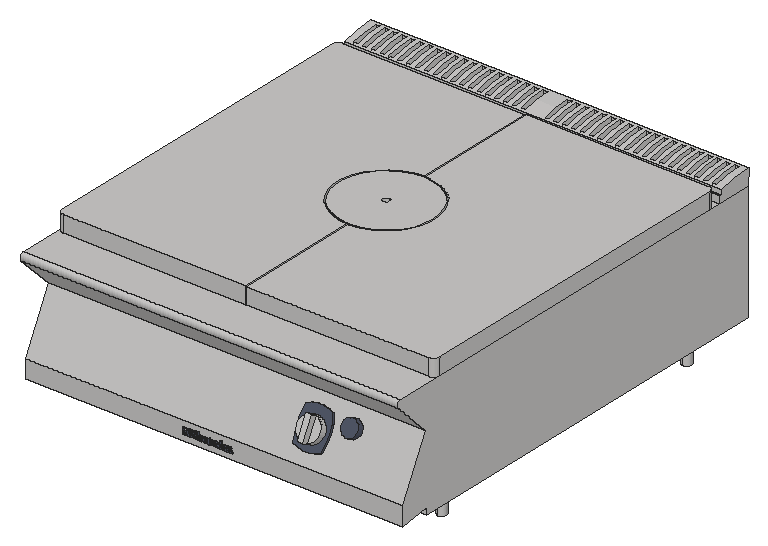
Revit family "QF_ELECTROLUXPROFESSIONAL_391635_E9DDATAOMEI", category Attrezzature speciali, Revit 2021
Family settings
  Quota connettore circolare = Usa diametro
  Tipo di parte = Normale
  Basato su piano di lavoro = No
  Sempre verticale = Sì
  Taglio con vuoti quando caricato = No
  Condiviso = No
  Punto di calcolo locali = No
Parameters (values of type "Standard")
  Weight = 92.00 kg
  Watts = 0 W
  Volts = 0 V
  URL Manufacturer = "https://www.electroluxprofessional.com/"
  URL = "https://www.electroluxprofessional.com/"
  Steam Supply Size = 0"
  Steam Supply Minimum Pressure = 0.00 psi
  Steam Supply Maximum Pressure = 0.00 psi
  Steam Consumption per Hour = 0
  Show Logo [instance] = yes
  Show Clearance [instance] = yes
  Refrigeration Suction Line Size = 0 mm
  Refrigeration Liquid Line Size = 0 mm
  Refrigerant Compressor Remote = yes
  Prospetto di default = 0 mm
  Phase = 0
  Modello = "E9DDATAOMEI"
  Produttore = "Electrolux Professional"
  Length Actual = 800 mm  # constant formula
  Item Number = "391635"
  Hot Water Size = 0"
  Height Actual = 250 mm  # constant formula
  HP = "0 HP"
  Gas Size = 1/2"
  Gas KW = 10.5
  Gas Input Pressure = 0.351868 Btu/h
  Direct Waste Size = 0"
  Descrizione = "GAS SOLID TOP 800 MM - QMARK"
  Depth Actual = 930 mm  # constant formula
  Cycle = 0 Hz
  Condensate Return Size = 0"
  Compressed Air Volume = 0 GPM
  Compressed Air Size = 0"
  Compressed Air Pressure = 0.00 psi
  Cold Water Size = 0"
  Assembly Code = ""
  Accessory = yes
Reference planes
  plane 1 "BACK": y = 0
  plane 2: z = 0
  plane 3 "LEFT": x = 0
  plane 4 "RIGHT": x = 800
  plane 5 "FRONT": y = -930
  plane 6 "TOP": z = 303.188
  plane 7 "Center Y": x = 400
  plane 8 "Center X": y = -465
  plane 9 "Base Height": z = 23.813
  plane 10: z = 273.813
  plane 11: z = 309
  plane 12: y = -90
  plane 13: y = -831
  plane 14: y = -664
Forms (mm)
  Extrusion 1, solid, material "QF_Finishes_Stainless Steel"
    sketch origin (0, 0, 0) x (0, 1, 0) y (0, 0, 1)
      loop
        line (0, 23.813) -> (0, 273.813) -> (-921.5, 273.813)
        arc (-921.5, 273.813) -> (-929.472, 268.485) -> (-927.602, 259.081) r 8.63
        line (-927.602, 259.081) -> (-854.039, 185.518) -> (-915.962, 68.584) -> (-915.962, 30.163) -> (-855.839, 38.612)
        arc (-855.839, 38.612) -> (-853.314, 37.864) -> (-852.222, 35.468) r 3.175
        line (-852.222, 35.468) -> (-852.222, 23.813) -> (0, 23.813)
    from 0 to 800
  Extrusion 2, solid, material "QF_Finishes_Stainless Steel"
    sketch origin (0, 0, 0) x (0, 1, 0) y (0, 0, 1)
      loop
        line (0, 273.813) -> (0, 288.9) -> (-76.2, 288.9) -> (-76.2, 273.813) -> (0, 273.813)
    from 0 to 800
  Extrusion 3, solid, material "QF_Finishes_Stainless Steel"
    sketch origin (0, 0, 0) x (1, 0, 0) y (0, 1, 0)
      loop
        circle (11.112, -149.225) r 9.525
      loop
        circle (788.888, -149.225) r 9.525
      loop
        circle (11.112, -798.488) r 9.525
      loop
        circle (788.888, -798.488) r 9.525
    from 0 to 23.812
  Extrusion 4, solid, material "QF_Finishes_Stainless Steel"
    sketch origin (0, 0, 273.813) x (0, -1, 0) y (1, 0, 0)
      loop
        arc (90, 12.7) -> (93.72, 3.72) -> (102.7, 0) r 12.7
        line (102.7, 0) -> (818.3, 0)
        arc (818.3, 0) -> (827.28, 3.72) -> (831, 12.7) r 12.7
        line (831, 12.7) -> (831, 398.413) -> (563.181, 398.413)
        arc (563.181, 398.413) -> (459.918, 297.117) -> (356.811, 398.571) r 103.201
        line (356.811, 398.571) -> (90, 398.571) -> (90, 12.7)
      loop
        arc (831, 787.3) -> (827.28, 796.28) -> (818.3, 800) r 12.7
        line (818.3, 800) -> (102.7, 800)
        arc (102.7, 800) -> (93.72, 796.28) -> (90, 787.3) r 12.7
        line (90, 787.3) -> (90, 401.528) -> (356.813, 401.528)
        arc (356.813, 401.528) -> (460.121, 503.083) -> (563.194, 401.289) r 103.202
        line (563.194, 401.289) -> (831, 401.289) -> (831, 787.3)
      loop
        circle (460, 400) r 100
      loop
        circle (460, 400) r 7
    from 0 to 35.188
  Extrusion 5, void
    sketch origin (34.989, 0, 288.925) x (-1, 0, 0) y (0, -1, 0)
      loop
        line (-335.017, 6.761) -> (-335.017, 63.911) -> (-344.313, 63.911) -> (-344.313, 6.761) -> (-335.017, 6.761)
      loop
        line (-316.325, 6.761) -> (-316.325, 63.911) -> (-325.62, 63.911) -> (-325.62, 6.761) -> (-316.325, 6.761)
      loop
        line (-297.632, 6.761) -> (-297.632, 63.911) -> (-306.928, 63.911) -> (-306.928, 6.761) -> (-297.632, 6.761)
      loop
        line (-278.94, 6.761) -> (-278.94, 63.911) -> (-288.235, 63.911) -> (-288.235, 6.761) -> (-278.94, 6.761)
      loop
        line (-260.247, 6.761) -> (-260.247, 63.911) -> (-269.543, 63.911) -> (-269.543, 6.761) -> (-260.247, 6.761)
      loop
        line (-241.554, 6.761) -> (-241.554, 63.911) -> (-250.85, 63.911) -> (-250.85, 6.761) -> (-241.554, 6.761)
      loop
        line (-222.862, 6.761) -> (-222.862, 63.911) -> (-232.157, 63.911) -> (-232.157, 6.761) -> (-222.862, 6.761)
      loop
        line (-204.169, 6.761) -> (-204.169, 63.911) -> (-213.465, 63.911) -> (-213.465, 6.761) -> (-204.169, 6.761)
      loop
        line (-185.476, 6.761) -> (-185.476, 63.911) -> (-194.772, 63.911) -> (-194.772, 6.761) -> (-185.476, 6.761)
      loop
        line (-166.784, 6.761) -> (-166.784, 63.911) -> (-176.08, 63.911) -> (-176.08, 6.761) -> (-166.784, 6.761)
      loop
        line (-148.091, 6.761) -> (-148.091, 63.911) -> (-157.387, 63.911) -> (-157.387, 6.761) -> (-148.091, 6.761)
      loop
        line (-129.399, 6.761) -> (-129.399, 63.911) -> (-138.694, 63.911) -> (-138.694, 6.761) -> (-129.399, 6.761)
      loop
        line (-110.706, 6.761) -> (-110.706, 63.911) -> (-120.002, 63.911) -> (-120.002, 6.761) -> (-110.706, 6.761)
      loop
        line (-92.013, 6.761) -> (-92.013, 63.911) -> (-101.309, 63.911) -> (-101.309, 6.761) -> (-92.013, 6.761)
      loop
        line (-73.321, 6.761) -> (-73.321, 63.911) -> (-82.617, 63.911) -> (-82.617, 6.761) -> (-73.321, 6.761)
      loop
        line (-54.628, 6.761) -> (-54.628, 63.911) -> (-63.924, 63.911) -> (-63.924, 6.761) -> (-54.628, 6.761)
      loop
        line (-35.936, 6.761) -> (-35.936, 63.911) -> (-45.231, 63.911) -> (-45.231, 6.761) -> (-35.936, 6.761)
      loop
        line (-17.243, 6.761) -> (-17.243, 63.911) -> (-26.539, 63.911) -> (-26.539, 6.761) -> (-17.243, 6.761)
      loop
        line (1.45, 6.761) -> (1.45, 63.911) -> (-7.846, 63.911) -> (-7.846, 6.761) -> (1.45, 6.761)
      loop
        line (20.142, 6.761) -> (20.142, 63.911) -> (10.846, 63.911) -> (10.846, 6.761) -> (20.142, 6.761)
      loop
        line (-395.005, 6.761) -> (-385.709, 6.761) -> (-385.709, 63.911) -> (-395.005, 63.911) -> (-395.005, 6.761)
      loop
        line (-413.697, 6.761) -> (-404.401, 6.761) -> (-404.401, 63.911) -> (-413.697, 63.911) -> (-413.697, 6.761)
      loop
        line (-432.39, 6.761) -> (-423.094, 6.761) -> (-423.094, 63.911) -> (-432.39, 63.911) -> (-432.39, 6.761)
      loop
        line (-451.082, 6.761) -> (-441.787, 6.761) -> (-441.787, 63.911) -> (-451.082, 63.911) -> (-451.082, 6.761)
      loop
        line (-469.775, 6.761) -> (-460.479, 6.761) -> (-460.479, 63.911) -> (-469.775, 63.911) -> (-469.775, 6.761)
      loop
        line (-488.468, 6.761) -> (-479.172, 6.761) -> (-479.172, 63.911) -> (-488.468, 63.911) -> (-488.468, 6.761)
      loop
        line (-507.16, 6.761) -> (-497.864, 6.761) -> (-497.864, 63.911) -> (-507.16, 63.911) -> (-507.16, 6.761)
      loop
        line (-525.853, 6.761) -> (-516.557, 6.761) -> (-516.557, 63.911) -> (-525.853, 63.911) -> (-525.853, 6.761)
      loop
        line (-544.545, 6.761) -> (-535.25, 6.761) -> (-535.25, 63.911) -> (-544.545, 63.911) -> (-544.545, 6.761)
      loop
        line (-563.238, 6.761) -> (-553.942, 6.761) -> (-553.942, 63.911) -> (-563.238, 63.911) -> (-563.238, 6.761)
      loop
        line (-581.931, 6.761) -> (-572.635, 6.761) -> (-572.635, 63.911) -> (-581.931, 63.911) -> (-581.931, 6.761)
      loop
        line (-600.623, 6.761) -> (-591.328, 6.761) -> (-591.328, 63.911) -> (-600.623, 63.911) -> (-600.623, 6.761)
      loop
        line (-619.316, 6.761) -> (-610.02, 6.761) -> (-610.02, 63.911) -> (-619.316, 63.911) -> (-619.316, 6.761)
      loop
        line (-638.008, 6.761) -> (-628.713, 6.761) -> (-628.713, 63.911) -> (-638.008, 63.911) -> (-638.008, 6.761)
      loop
        line (-656.701, 6.761) -> (-647.405, 6.761) -> (-647.405, 63.911) -> (-656.701, 63.911) -> (-656.701, 6.761)
      loop
        line (-675.394, 6.761) -> (-666.098, 6.761) -> (-666.098, 63.911) -> (-675.394, 63.911) -> (-675.394, 6.761)
      loop
        line (-694.086, 6.761) -> (-684.791, 6.761) -> (-684.791, 63.911) -> (-694.086, 63.911) -> (-694.086, 6.761)
      loop
        line (-712.779, 6.761) -> (-703.483, 6.761) -> (-703.483, 63.911) -> (-712.779, 63.911) -> (-712.779, 6.761)
      loop
        line (-731.472, 6.761) -> (-722.176, 6.761) -> (-722.176, 63.911) -> (-731.472, 63.911) -> (-731.472, 6.761)
      loop
        line (-750.164, 6.761) -> (-740.868, 6.761) -> (-740.868, 63.911) -> (-750.164, 63.911) -> (-750.164, 6.761)
    from 4.268 to 45.348
  Extrusion 6, solid, material "QF_Finishes_Stainless Steel"
    sketch origin (0, 0, 14.288) x (0, 1, 0) y (0, 0, 1)
      loop
        line (0, 274.613) -> (0, 294.713)
        arc (0, 294.713) -> (-35.344, 292.192) -> (-69.85, 284.137) r 224.293
        line (-69.85, 284.137) -> (-69.85, 274.613) -> (0, 274.613)
    from 0 to 800
  Extrusion 7, solid, material "QF_Finishes_Navy Blue", visible <- "Show Logo"
    sketch origin (0, -915.962, 30.163) x (0, 0, 1) y (-1, 0, 0)
      loop
        line (26.177, -343.947) -> (13.81, -343.947)
        arc (13.81, -343.947) -> (19.993, -348.518) -> (26.177, -343.947) r 6.467
      loop
        arc (26.177, -343.318) -> (25.008, -338.175) -> (20.352, -335.697) r 6.338
        line (20.352, -335.697) -> (20.352, -337.743)
        arc (20.352, -337.743) -> (21.836, -341.398) -> (25.281, -343.318) r 5.941
        line (25.281, -343.318) -> (26.177, -343.318)
      loop
        arc (14.706, -343.318) -> (18.151, -341.398) -> (19.635, -337.743) r 5.941
        line (19.635, -337.743) -> (19.635, -335.697)
        arc (19.635, -335.697) -> (14.941, -338.171) -> (13.651, -343.318) r 6.504
        line (13.651, -343.318) -> (14.706, -343.318)
      loop
        line (26.852, -335.228) -> (13.107, -335.228) -> (13.107, -348.991) -> (26.852, -348.991) -> (26.852, -335.228)
      loop
        arc (26.935, -351.958) -> (26.587, -351.601) -> (26.221, -351.939) r 0.358
        arc (26.221, -351.939) -> (25.906, -352.689) -> (25.189, -353.074) r 1.216
        line (25.189, -353.074) -> (14.777, -353.074)
        arc (14.777, -353.074) -> (14.117, -352.796) -> (13.721, -352.2) r 1.238
        arc (13.721, -352.2) -> (13.326, -351.949) -> (13.021, -352.303) r 0.358
        line (13.021, -352.303) -> (13.021, -362.182) -> (15.772, -362.182) -> (15.772, -361.285)
        arc (15.772, -361.285) -> (14.862, -360.705) -> (14.407, -359.728) r 1.928
        line (14.407, -359.728) -> (14.407, -357.229)
        arc (14.407, -357.229) -> (14.682, -356.5) -> (15.371, -356.136) r 1.101
        line (15.371, -356.136) -> (19.457, -356.136) -> (19.457, -359.809)
        arc (19.457, -359.809) -> (19.105, -360.307) -> (18.54, -360.534) r 1.083
        arc (18.54, -360.534) -> (18.276, -360.84) -> (18.568, -361.118) r 0.292
        line (18.568, -361.118) -> (21.53, -361.118)
        arc (21.53, -361.118) -> (21.833, -360.845) -> (21.595, -360.515) r 0.305
        arc (21.595, -360.515) -> (21.104, -360.267) -> (20.799, -359.809) r 1.083
        line (20.799, -359.809) -> (20.799, -356.136) -> (25.476, -356.136) -> (25.476, -359.883)
        arc (25.476, -359.883) -> (25.262, -360.639) -> (24.656, -361.137) r 1.314
        arc (24.656, -361.137) -> (24.436, -361.541) -> (24.791, -361.833) r 0.361
        line (24.791, -361.833) -> (26.935, -361.833) -> (26.935, -351.958)
      loop
        arc (26.218, -362.614) -> (25.837, -363.533) -> (24.919, -363.913) r 1.299
        line (24.919, -363.913) -> (15.34, -363.913)
        arc (15.34, -363.913) -> (14.502, -363.535) -> (14.23, -362.657) r 1.118
        line (14.23, -362.657) -> (13.021, -362.657) -> (13.021, -368.007) -> (14.209, -368.007)
        arc (14.209, -368.007) -> (14.481, -367.09) -> (15.351, -366.694) r 1.153
        line (15.351, -366.694) -> (27.423, -366.694) -> (26.218, -362.614)
      loop
        line (17.986, -370.643) -> (17.986, -377.091) -> (18.785, -377.091)
        arc (18.785, -377.091) -> (21.365, -376.106) -> (22.634, -373.652) r 3.874
        line (22.634, -373.652) -> (22.634, -371.892)
        arc (22.634, -371.892) -> (21.447, -369.027) -> (18.583, -367.841) r 4.051
        line (18.583, -367.841) -> (16.575, -367.841)
        arc (16.575, -367.841) -> (13.756, -369.326) -> (12.704, -372.333) r 4.352
        arc (12.704, -372.333) -> (13.069, -374.796) -> (14.446, -376.87) r 5.713
        line (14.446, -376.87) -> (15.395, -376.87)
        arc (15.395, -376.87) -> (14.663, -375.301) -> (14.446, -373.583) r 5.579
        arc (14.446, -373.583) -> (15.24, -371.62) -> (17.119, -370.643) r 3.057
        line (17.119, -370.643) -> (17.986, -370.643)
      loop
        line (19.245, -370.643) -> (19.245, -374.225)
        arc (19.245, -374.225) -> (20.702, -374.272) -> (21.585, -373.113) r 1.59
        line (21.585, -373.113) -> (21.585, -372.283)
        arc (21.585, -372.283) -> (20.72, -371.028) -> (19.245, -370.643) r 2.184
      loop
        arc (22.036, -386.508) -> (22.525, -384.834) -> (22.682, -383.097) r 9.023
        line (22.682, -383.097) -> (22.682, -381.735)
        arc (22.682, -381.735) -> (21.523, -378.935) -> (18.723, -377.776) r 3.959
        line (18.723, -377.776) -> (16.123, -377.776)
        arc (16.123, -377.776) -> (13.841, -379.068) -> (12.724, -381.441) r 4.331
        line (12.724, -381.441) -> (12.724, -383.576)
        arc (12.724, -383.576) -> (13.232, -385.126) -> (14.153, -386.472) r 5.772
        arc (14.153, -386.472) -> (14.915, -386.523) -> (15.002, -385.764) r 0.553
        arc (15.002, -385.764) -> (14.614, -385.03) -> (14.48, -384.211) r 2.573
        line (14.48, -384.211) -> (14.48, -382.696)
        arc (14.48, -382.696) -> (15.486, -381.054) -> (17.301, -380.412) r 2.884
        line (17.301, -380.412) -> (18.579, -380.412)
        arc (18.579, -380.412) -> (20.401, -380.972) -> (21.327, -382.637) r 2.554
        line (21.327, -382.637) -> (21.327, -383.69)
        arc (21.327, -383.69) -> (20.996, -384.618) -> (20.339, -385.353) r 2.564
        arc (20.339, -385.353) -> (20.117, -386.07) -> (20.726, -386.508) r 0.643
        line (20.726, -386.508) -> (22.036, -386.508)
      loop
        line (21.017, -386.778) -> (21.017, -388.279) -> (14.97, -388.279)
        arc (14.97, -388.279) -> (13.381, -388.937) -> (12.724, -390.525) r 2.246
        line (12.724, -390.525) -> (12.724, -392.109)
        arc (12.724, -392.109) -> (13.038, -392.973) -> (13.538, -393.745) r 4.06
        arc (13.538, -393.745) -> (14.271, -393.878) -> (14.522, -393.177) r 0.576
        arc (14.522, -393.177) -> (14.416, -392.651) -> (14.48, -392.119) r 1.69
        arc (14.48, -392.119) -> (15.021, -391.331) -> (15.928, -391.028) r 1.506
        line (15.928, -391.028) -> (21.066, -391.028) -> (21.066, -393.425) -> (21.622, -393.981) -> (22.444, -393.981) -> (22.444, -391.122) -> (25.675, -391.122) -> (21.017, -386.778)
      loop
        line (12.941, -394.879) -> (12.941, -400.266) -> (14.051, -400.266)
        arc (14.051, -400.266) -> (14.445, -399.315) -> (15.396, -398.921) r 1.345
        line (15.396, -398.921) -> (19.012, -398.921)
        arc (19.012, -398.921) -> (19.777, -399.513) -> (20.066, -400.435) r 1.615
        line (20.066, -400.435) -> (20.066, -401.991) -> (22.622, -402.676) -> (22.622, -401.293) -> (20.679, -398.734) -> (22.56, -398.734) -> (22.276, -396.028)
        arc (22.276, -396.028) -> (21.836, -395.498) -> (21.177, -395.699) r 0.621
        arc (21.177, -395.699) -> (20.777, -396.041) -> (20.283, -396.224) r 1.501
        line (20.283, -396.224) -> (15.396, -396.224)
        arc (15.396, -396.224) -> (14.445, -395.83) -> (14.051, -394.879) r 1.345
        line (14.051, -394.879) -> (12.941, -394.879)
      loop
        line (19.043, -402.213) -> (16.351, -402.213)
        arc (16.351, -402.213) -> (13.905, -403.521) -> (12.772, -406.051) r 4.288
        arc (12.772, -406.051) -> (12.708, -407.432) -> (12.772, -408.812) r 15.022
        arc (12.772, -408.812) -> (13.905, -411.343) -> (16.351, -412.65) r 4.288
        line (16.351, -412.65) -> (19.043, -412.65)
        arc (19.043, -412.65) -> (21.488, -411.343) -> (22.622, -408.812) r 4.288
        arc (22.622, -408.812) -> (22.686, -407.432) -> (22.622, -406.051) r 15.022
        arc (22.622, -406.051) -> (21.488, -403.521) -> (19.043, -402.213) r 4.288
      loop
        line (19.248, -405.327) -> (16.146, -405.327)
        arc (16.146, -405.327) -> (13.989, -407.484) -> (16.146, -409.641) r 2.157
        line (16.146, -409.641) -> (19.248, -409.641)
        arc (19.248, -409.641) -> (21.405, -407.484) -> (19.248, -405.327) r 2.157
      loop
        arc (26.229, -412.508) -> (25.858, -413.402) -> (24.964, -413.773) r 1.264
        line (24.964, -413.773) -> (15.1, -413.773)
        arc (15.1, -413.773) -> (14.23, -413.376) -> (13.958, -412.46) r 1.153
        line (13.958, -412.46) -> (13.021, -412.46) -> (13.021, -417.568) -> (13.949, -417.568)
        arc (13.949, -417.568) -> (14.308, -416.796) -> (15.1, -416.481) r 1.153
        line (15.1, -416.481) -> (27.423, -416.481) -> (26.229, -412.508)
      loop
        arc (21.349, -417.106) -> (21.15, -418.17) -> (20.181, -418.652) r 1.215
        line (20.181, -418.652) -> (15.161, -418.652)
        arc (15.161, -418.652) -> (13.546, -419.299) -> (12.825, -420.882) r 2.338
        line (12.825, -420.882) -> (12.825, -422.397)
        arc (12.825, -422.397) -> (13, -423.401) -> (13.502, -424.287) r 2.979
        line (13.502, -424.287) -> (13.021, -426.084) -> (13.021, -427.772) -> (22.446, -427.772) -> (22.152, -423.569) -> (21.366, -423.569)
        arc (21.366, -423.569) -> (21.01, -424.405) -> (20.258, -424.914) r 1.605
        line (20.258, -424.914) -> (15.155, -424.914)
        arc (15.155, -424.914) -> (14.735, -423.977) -> (14.662, -422.953) r 2.94
        arc (14.662, -422.953) -> (15.223, -421.852) -> (16.376, -421.409) r 1.724
        line (16.376, -421.409) -> (22.573, -421.409) -> (21.349, -417.106)
      loop
        line (22.377, -428.626) -> (20.705, -430.672) -> (17.531, -432.978) -> (14.075, -429.866)
        arc (14.075, -429.866) -> (13.837, -429.472) -> (13.86, -429.013) r 0.789
        line (13.86, -429.013) -> (13.021, -429.013) -> (13.021, -432.558) -> (13.847, -432.558)
        arc (13.847, -432.558) -> (14.189, -432.196) -> (14.679, -432.288) r 0.52
        line (14.679, -432.288) -> (16.479, -433.759) -> (14.361, -435.135)
        arc (14.361, -435.135) -> (13.96, -434.825) -> (13.873, -434.325) r 0.7
        line (13.873, -434.325) -> (13.021, -434.325) -> (13.021, -440.252) -> (13.907, -440.252)
        arc (13.907, -440.252) -> (13.974, -439.593) -> (14.369, -439.062) r 1.247
        line (14.369, -439.062) -> (18.569, -435.781) -> (21.016, -437.834) -> (22.377, -439.576) -> (22.377, -435.852) -> (20.892, -436.275) -> (19.371, -434.998) -> (21.071, -433.808) -> (22.377, -434.584) -> (22.377, -428.626)
    from 0 to 1.644
  Extrusion 8, solid, material "QF_Finishes_Navy Blue"
    sketch origin (0, -854.039, 185.518) x (0, -0.467993, -0.883732) y (1, 0, 0)
      loop
        arc (29.283, 558.214) -> (64.531, 552.935) -> (99.866, 557.596) r 127.782
        arc (99.866, 557.596) -> (106.766, 586.784) -> (99.866, 615.972) r 65.183
        arc (99.866, 615.972) -> (64.482, 622.659) -> (29.283, 615.066) r 90.797
        arc (29.283, 615.066) -> (22.72, 586.64) -> (29.283, 558.214) r 64.846
    from 0 to 3.175
  Extrusion 9, solid, material "QF_Finishes_Stainless Steel"
    sketch origin (0, -856.845, 187.004) x (0, -0.467993, -0.883732) y (1, 0, 0)
      loop
        circle (66.843, 587.162) r 25.4
    from 0 to 12.7
  Extrusion 10, solid, material "QF_Finishes_Stainless Steel"
    sketch origin (0, -868.068, 192.947) x (0, -0.467993, -0.883732) y (1, 0, 0)
      loop
        arc (91.575, 581.376) -> (92.243, 587.162) -> (91.575, 592.948) r 25.4
        line (91.575, 592.948) -> (42.111, 592.948)
        arc (42.111, 592.948) -> (41.443, 587.162) -> (42.111, 581.376) r 25.4
        line (42.111, 581.376) -> (91.575, 581.376)
    from 0 to 12.7
  Extrusion 11, solid, material "QF_Finishes_Navy Blue"
    sketch origin (0, -854.039, 185.518) x (0, -0.467993, -0.883732) y (1, 0, 0)
      loop
        circle (41.434, 662.183) r 17.78
    from 0 to 12.7
  Extrusion 12, solid, material "QF_Clearances", visible <- "Show Clearance", detail levels coarse
    sketch origin (0, 0, 0) x (1, 0, 0) y (0, 1, 0)
      loop
        line (0, -930) -> (0, 0) -> (800, 0) -> (800, -930) -> (900, -930) -> (900, 100) -> (-100, 100) -> (-100, -930) -> (0, -930)
    from 0 to 331.787
  Extrusion 13, solid
    sketch origin (0, -852.222, 23.813) x (1, 0, 0) y (0, -1, 0)
      loop
        circle (748, -188.222) r 6.4
    from 0 to 20
Cuts and joins
  Extrusion 5 cuts Extrusion 1
  Extrusion 5 cuts Extrusion 6
  joined: Extrusion 2, Extrusion 6
Lines and regions (mm)
  symbolic lines
    curve 1: line (0, -930.129, 0) -> (800, -930.129, 0)
    curve 2: line (0, 0, 0) -> (0, -930.129, 0)
    curve 3: line (800, 0, 0) -> (0, 0, 0)
    curve 4: line (800, -930.129, 0) -> (800, 0, 0)
    curve 5: arc (787.3, -831, 0) -> (796.28, -827.28, 0) -> (800, -818.3, 0) r 12.7
    curve 6: line (800, -818.3, 0) -> (800, -102.7, 0)
    curve 7: arc (800, -102.7, 0) -> (796.28, -93.72, 0) -> (787.3, -90, 0) r 12.7
    curve 8: line (787.3, -90, 0) -> (401.528, -90, 0)
    curve 9: line (401.528, -90, 0) -> (401.528, -356.813, 0)
    curve 10: arc (401.528, -356.813, 0) -> (503.083, -460.121, 0) -> (401.289, -563.194, 0) r 103.202
    curve 11: line (401.289, -563.194, 0) -> (401.289, -831, 0)
    curve 12: line (401.289, -831, 0) -> (787.3, -831, 0)
    curve 13: arc (400, -560, 0) -> (500, -460, 0) -> (400, -360, 0) r 100
    curve 14: arc (400, -360, 0) -> (300, -460, 0) -> (400, -560, 0) r 100
    curve 15: arc (398.413, -563.181, 0) -> (297.117, -459.918, 0) -> (398.571, -356.811, 0) r 103.201
    curve 16: line (398.571, -356.811, 0) -> (398.571, -90, 0)
    curve 17: line (398.571, -90, 0) -> (12.7, -90, 0)
    curve 18: arc (12.7, -90, 0) -> (3.72, -93.72, 0) -> (0, -102.7, 0) r 12.7
    curve 19: line (0, -102.7, 0) -> (0, -818.3, 0)
    curve 20: arc (0, -818.3, 0) -> (3.72, -827.28, 0) -> (12.7, -831, 0) r 12.7
    curve 21: line (12.7, -831, 0) -> (398.413, -831, 0)
    curve 22: line (398.413, -831, 0) -> (398.413, -563.181, 0)
    curve 23: arc (400, -453, 0) -> (407, -460, 0) -> (400, -467, 0) r 7
    curve 24: arc (400, -467, 0) -> (393, -460, 0) -> (400, -453, 0) r 7
    curve 25: line (0, -76.2, 0) -> (800, -76.2, 0)
    curve 26: line (0, -69.85, 0) -> (800, -69.85, 0)
    curve 27: line (14.847, -63.911, 0) -> (14.847, -6.761, 0)
    curve 28: line (14.847, -6.761, 0) -> (24.143, -6.761, 0)
    curve 29: line (24.143, -6.761, 0) -> (24.143, -63.911, 0)
    curve 30: line (24.143, -63.911, 0) -> (14.847, -63.911, 0)
    curve 31: line (33.539, -63.911, 0) -> (33.539, -6.761, 0)
    curve 32: line (33.539, -6.761, 0) -> (42.835, -6.761, 0)
    curve 33: line (42.835, -6.761, 0) -> (42.835, -63.911, 0)
    curve 34: line (42.835, -63.911, 0) -> (33.539, -63.911, 0)
    curve 35: line (52.232, -63.911, 0) -> (52.232, -6.761, 0)
    curve 36: line (52.232, -6.761, 0) -> (61.528, -6.761, 0)
    curve 37: line (61.528, -6.761, 0) -> (61.528, -63.911, 0)
    curve 38: line (61.528, -63.911, 0) -> (52.232, -63.911, 0)
    curve 39: line (70.925, -63.911, 0) -> (70.925, -6.761, 0)
    curve 40: line (70.925, -6.761, 0) -> (80.22, -6.761, 0)
    curve 41: line (80.22, -6.761, 0) -> (80.22, -63.911, 0)
    curve 42: line (80.22, -63.911, 0) -> (70.925, -63.911, 0)
    curve 43: line (89.617, -63.911, 0) -> (89.617, -6.761, 0)
    curve 44: line (89.617, -6.761, 0) -> (98.913, -6.761, 0)
    curve 45: line (98.913, -6.761, 0) -> (98.913, -63.911, 0)
    curve 46: line (98.913, -63.911, 0) -> (89.617, -63.911, 0)
    curve 47: line (108.31, -63.911, 0) -> (108.31, -6.761, 0)
    curve 48: line (108.31, -6.761, 0) -> (117.606, -6.761, 0)
    curve 49: line (117.606, -6.761, 0) -> (117.606, -63.911, 0)
    curve 50: line (117.606, -63.911, 0) -> (108.31, -63.911, 0)
    curve 51: line (127.002, -63.911, 0) -> (127.002, -6.761, 0)
    curve 52: line (127.002, -6.761, 0) -> (136.298, -6.761, 0)
    curve 53: line (136.298, -6.761, 0) -> (136.298, -63.911, 0)
    curve 54: line (136.298, -63.911, 0) -> (127.002, -63.911, 0)
    curve 55: line (145.695, -63.911, 0) -> (145.695, -6.761, 0)
    curve 56: line (145.695, -6.761, 0) -> (154.991, -6.761, 0)
    curve 57: line (154.991, -6.761, 0) -> (154.991, -63.911, 0)
    curve 58: line (154.991, -63.911, 0) -> (145.695, -63.911, 0)
    curve 59: line (164.388, -63.911, 0) -> (164.388, -6.761, 0)
    curve 60: line (164.388, -6.761, 0) -> (173.683, -6.761, 0)
    curve 61: line (173.683, -6.761, 0) -> (173.683, -63.911, 0)
    curve 62: line (173.683, -63.911, 0) -> (164.388, -63.911, 0)
    curve 63: line (183.08, -63.911, 0) -> (183.08, -6.761, 0)
    curve 64: line (183.08, -6.761, 0) -> (192.376, -6.761, 0)
    curve 65: line (192.376, -6.761, 0) -> (192.376, -63.911, 0)
    curve 66: line (192.376, -63.911, 0) -> (183.08, -63.911, 0)
    curve 67: line (201.773, -63.911, 0) -> (201.773, -6.761, 0)
    curve 68: line (201.773, -6.761, 0) -> (211.069, -6.761, 0)
    curve 69: line (211.069, -6.761, 0) -> (211.069, -63.911, 0)
    curve 70: line (211.069, -63.911, 0) -> (201.773, -63.911, 0)
    curve 71: line (220.466, -63.911, 0) -> (220.466, -6.761, 0)
    curve 72: line (220.466, -6.761, 0) -> (229.761, -6.761, 0)
    curve 73: line (229.761, -6.761, 0) -> (229.761, -63.911, 0)
    curve 74: line (229.761, -63.911, 0) -> (220.466, -63.911, 0)
    curve 75: line (239.158, -63.911, 0) -> (239.158, -6.761, 0)
    curve 76: line (239.158, -6.761, 0) -> (248.454, -6.761, 0)
    curve 77: line (248.454, -6.761, 0) -> (248.454, -63.911, 0)
    curve 78: line (248.454, -63.911, 0) -> (239.158, -63.911, 0)
    curve 79: line (420.698, -63.911, 0) -> (420.698, -6.761, 0)
    curve 80: line (420.698, -6.761, 0) -> (429.994, -6.761, 0)
    curve 81: line (429.994, -6.761, 0) -> (429.994, -63.911, 0)
    curve 82: line (429.994, -63.911, 0) -> (420.698, -63.911, 0)
    curve 83: line (370.006, -63.911, 0) -> (370.006, -6.761, 0)
    curve 84: line (370.006, -6.761, 0) -> (379.302, -6.761, 0)
    curve 85: line (379.302, -6.761, 0) -> (379.302, -63.911, 0)
    curve 86: line (379.302, -63.911, 0) -> (370.006, -63.911, 0)
    curve 87: line (351.314, -63.911, 0) -> (351.314, -6.761, 0)
    curve 88: line (351.314, -6.761, 0) -> (360.61, -6.761, 0)
    curve 89: line (360.61, -6.761, 0) -> (360.61, -63.911, 0)
    curve 90: line (360.61, -63.911, 0) -> (351.314, -63.911, 0)
    curve 91: line (332.621, -63.911, 0) -> (332.621, -6.761, 0)
    curve 92: line (332.621, -6.761, 0) -> (341.917, -6.761, 0)
    curve 93: line (341.917, -6.761, 0) -> (341.917, -63.911, 0)
    curve 94: line (341.917, -63.911, 0) -> (332.621, -63.911, 0)
    curve 95: line (313.929, -63.911, 0) -> (313.929, -6.761, 0)
    curve 96: line (313.929, -6.761, 0) -> (323.224, -6.761, 0)
    curve 97: line (323.224, -6.761, 0) -> (323.224, -63.911, 0)
    curve 98: line (323.224, -63.911, 0) -> (313.929, -63.911, 0)
    curve 99: line (295.236, -63.911, 0) -> (295.236, -6.761, 0)
    curve 100: line (295.236, -6.761, 0) -> (304.532, -6.761, 0)
    curve 101: line (304.532, -6.761, 0) -> (304.532, -63.911, 0)
    curve 102: line (304.532, -63.911, 0) -> (295.236, -63.911, 0)
    curve 103: line (276.543, -63.911, 0) -> (276.543, -6.761, 0)
    curve 104: line (276.543, -6.761, 0) -> (285.839, -6.761, 0)
    curve 105: line (285.839, -6.761, 0) -> (285.839, -63.911, 0)
    curve 106: line (285.839, -63.911, 0) -> (276.543, -63.911, 0)
    curve 107: line (257.851, -63.911, 0) -> (257.851, -6.761, 0)
    curve 108: line (257.851, -6.761, 0) -> (267.146, -6.761, 0)
    curve 109: line (267.146, -6.761, 0) -> (267.146, -63.911, 0)
    curve 110: line (267.146, -63.911, 0) -> (257.851, -63.911, 0)
    curve 111: line (439.39, -63.911, 0) -> (439.39, -6.761, 0)
    curve 112: line (439.39, -6.761, 0) -> (448.686, -6.761, 0)
    curve 113: line (448.686, -6.761, 0) -> (448.686, -63.911, 0)
    curve 114: line (448.686, -63.911, 0) -> (439.39, -63.911, 0)
    curve 115: line (458.083, -63.911, 0) -> (458.083, -6.761, 0)
    curve 116: line (458.083, -6.761, 0) -> (467.379, -6.761, 0)
    curve 117: line (467.379, -6.761, 0) -> (467.379, -63.911, 0)
    curve 118: line (467.379, -63.911, 0) -> (458.083, -63.911, 0)
    curve 119: line (476.776, -63.911, 0) -> (476.776, -6.761, 0)
    curve 120: line (476.776, -6.761, 0) -> (486.071, -6.761, 0)
    curve 121: line (486.071, -6.761, 0) -> (486.071, -63.911, 0)
    curve 122: line (486.071, -63.911, 0) -> (476.776, -63.911, 0)
    curve 123: line (495.468, -63.911, 0) -> (495.468, -6.761, 0)
    curve 124: line (495.468, -6.761, 0) -> (504.764, -6.761, 0)
    curve 125: line (504.764, -6.761, 0) -> (504.764, -63.911, 0)
    curve 126: line (504.764, -63.911, 0) -> (495.468, -63.911, 0)
    curve 127: line (514.161, -63.911, 0) -> (514.161, -6.761, 0)
    curve 128: line (514.161, -6.761, 0) -> (523.457, -6.761, 0)
    curve 129: line (523.457, -6.761, 0) -> (523.457, -63.911, 0)
    curve 130: line (523.457, -63.911, 0) -> (514.161, -63.911, 0)
    curve 131: line (532.854, -63.911, 0) -> (532.854, -6.761, 0)
    curve 132: line (532.854, -6.761, 0) -> (542.149, -6.761, 0)
    curve 133: line (542.149, -6.761, 0) -> (542.149, -63.911, 0)
    curve 134: line (542.149, -63.911, 0) -> (532.854, -63.911, 0)
    curve 135: line (551.546, -63.911, 0) -> (551.546, -6.761, 0)
    curve 136: line (551.546, -6.761, 0) -> (560.842, -6.761, 0)
    curve 137: line (560.842, -6.761, 0) -> (560.842, -63.911, 0)
    curve 138: line (560.842, -63.911, 0) -> (551.546, -63.911, 0)
    curve 139: line (570.239, -63.911, 0) -> (570.239, -6.761, 0)
    curve 140: line (570.239, -6.761, 0) -> (579.534, -6.761, 0)
    curve 141: line (579.534, -6.761, 0) -> (579.534, -63.911, 0)
    curve 142: line (579.534, -63.911, 0) -> (570.239, -63.911, 0)
    curve 143: line (588.931, -63.911, 0) -> (588.931, -6.761, 0)
    curve 144: line (588.931, -6.761, 0) -> (598.227, -6.761, 0)
    curve 145: line (598.227, -6.761, 0) -> (598.227, -63.911, 0)
    curve 146: line (598.227, -63.911, 0) -> (588.931, -63.911, 0)
    curve 147: line (607.624, -63.911, 0) -> (607.624, -6.761, 0)
    curve 148: line (607.624, -6.761, 0) -> (616.92, -6.761, 0)
    curve 149: line (616.92, -6.761, 0) -> (616.92, -63.911, 0)
    curve 150: line (616.92, -63.911, 0) -> (607.624, -63.911, 0)
    curve 151: line (626.317, -63.911, 0) -> (626.317, -6.761, 0)
    curve 152: line (626.317, -6.761, 0) -> (635.612, -6.761, 0)
    curve 153: line (635.612, -6.761, 0) -> (635.612, -63.911, 0)
    curve 154: line (635.612, -63.911, 0) -> (626.317, -63.911, 0)
    curve 155: line (645.009, -63.911, 0) -> (645.009, -6.761, 0)
    curve 156: line (645.009, -6.761, 0) -> (654.305, -6.761, 0)
    curve 157: line (654.305, -6.761, 0) -> (654.305, -63.911, 0)
    curve 158: line (654.305, -63.911, 0) -> (645.009, -63.911, 0)
    curve 159: line (663.702, -63.911, 0) -> (663.702, -6.761, 0)
    curve 160: line (663.702, -6.761, 0) -> (672.998, -6.761, 0)
    curve 161: line (672.998, -6.761, 0) -> (672.998, -63.911, 0)
    curve 162: line (672.998, -63.911, 0) -> (663.702, -63.911, 0)
    curve 163: line (682.394, -63.911, 0) -> (682.394, -6.761, 0)
    curve 164: line (682.394, -6.761, 0) -> (691.69, -6.761, 0)
    curve 165: line (691.69, -6.761, 0) -> (691.69, -63.911, 0)
    curve 166: line (691.69, -63.911, 0) -> (682.394, -63.911, 0)
    curve 167: line (701.087, -63.911, 0) -> (701.087, -6.761, 0)
    curve 168: line (701.087, -6.761, 0) -> (710.383, -6.761, 0)
    curve 169: line (710.383, -6.761, 0) -> (710.383, -63.911, 0)
    curve 170: line (710.383, -63.911, 0) -> (701.087, -63.911, 0)
    curve 171: line (719.78, -63.911, 0) -> (719.78, -6.761, 0)
    curve 172: line (719.78, -6.761, 0) -> (729.075, -6.761, 0)
    curve 173: line (729.075, -6.761, 0) -> (729.075, -63.911, 0)
    curve 174: line (729.075, -63.911, 0) -> (719.78, -63.911, 0)
    curve 175: line (738.472, -63.911, 0) -> (738.472, -6.761, 0)
    curve 176: line (738.472, -6.761, 0) -> (747.768, -6.761, 0)
    curve 177: line (747.768, -6.761, 0) -> (747.768, -63.911, 0)
    curve 178: line (747.768, -63.911, 0) -> (738.472, -63.911, 0)
    curve 179: line (757.165, -63.911, 0) -> (757.165, -6.761, 0)
    curve 180: line (757.165, -6.761, 0) -> (766.461, -6.761, 0)
    curve 181: line (766.461, -6.761, 0) -> (766.461, -63.911, 0)
    curve 182: line (766.461, -63.911, 0) -> (757.165, -63.911, 0)
    curve 183: line (775.857, -63.911, 0) -> (775.857, -6.761, 0)
    curve 184: line (775.857, -6.761, 0) -> (785.153, -6.761, 0)
    curve 185: line (785.153, -6.761, 0) -> (785.153, -63.911, 0)
    curve 186: line (785.153, -63.911, 0) -> (775.857, -63.911, 0)
    curve 187: line (0, -915.962, 0) -> (800, -915.962, 0)
  symbolic lines, style "QF_Clearances", visible <- "Show Clearance", detail levels coarse
    curve 188: line (-100, -930, 0) -> (-100, 100, 0)
    curve 189: line (-100, 100, 0) -> (900, 100, 0)
    curve 190: line (900, 100, 0) -> (900, -930, 0)
Dimensions and locks
  equal spacing: plane 3 "LEFT", plane 7 "Center Y", plane 4 "RIGHT"
  plane 3 "LEFT" to plane 4 "RIGHT" = 800 mm
  equal spacing: plane 5 "FRONT", plane 8 "Center X", plane 1 "BACK"
  plane 5 "FRONT" to plane 1 "BACK" = 930 mm  (x2)
  plane 9 "Base Height" to level = 23.812 mm
  plane 10 to plane 9 "Base Height" = 250 mm
  plane 6 "TOP" to plane 10 = 29.375 mm
  plane 11 to level = 309 mm
  plane 11 to plane 2 = 309 mm  (x2)
  plane 9 "Base Height" to plane 2 = 23.813 mm
  Extrusion 4 to cut or joined group of Extrusion 1, Extrusion 5 = 285.187 mm
  plane 12 to plane 1 "BACK" = 90 mm
  plane 13 to plane 12 = 741 mm
  cut or joined group of Extrusion 1, Extrusion 5 to plane 10 = 250 mm
  plane 11 to plane 10 = 35.187 mm
  Extrusion 13 sketch curve to plane 1 "BACK" = 664 mm
  Extrusion 13 sketch curve to plane 4 "RIGHT" = 52 mm
  plane 14 to plane 1 "BACK" = 664 mm
  Extrusion 13 to plane 9 "Base Height" = 20 mm
  aligned and locked: level to plane 2
Automatic sketch dimensions
  Extrusion 1 sketch curve to plane 10 = 0 mm
  Extrusion 1 sketch curve to plane 9 "Base Height" = 0 mm
  Extrusion 1 sketch curve to plane 1 "BACK" = 0 mm
  Extrusion 1 sketch curve to Extrusion 1 sketch curve = 3.175 mm
  Extrusion 1 sketch curve to Extrusion 1 sketch curve = 0.442 mm
  plane 9 "Base Height" to Extrusion 1 sketch curve = 6.35 mm
  Extrusion 1 sketch curve to plane 5 "FRONT" = 14.038 mm
  Extrusion 1 sketch curve to plane 5 "FRONT" = 8.5 mm
  Extrusion 1 sketch curve to plane 5 "FRONT" = 2.398 mm
  plane 9 "Base Height" to Extrusion 1 sketch curve = 11.656 mm
  Extrusion 1 sketch curve to Extrusion 1 sketch curve = 38.422 mm
  Extrusion 1 sketch curve to plane 10 = 88.295 mm
  Extrusion 1 sketch curve to plane 10 = 14.732 mm
  Extrusion 2 sketch curve to plane 10 = 0 mm
  Extrusion 2 sketch curve to plane 1 "BACK" = 0 mm
  Extrusion 2 sketch curve to plane 6 "TOP" = 14.287 mm
  plane 3 "LEFT" to Extrusion 3 sketch curve = 11.112 mm  (x2)
  Extrusion 3 sketch curve to plane 4 "RIGHT" = 11.112 mm  (x2)
  Extrusion 3 sketch curve to Extrusion 3 sketch curve = 9.525 mm  (x4)
  Extrusion 5 sketch curve to plane 4 "RIGHT" = 14.847 mm
  Extrusion 5 sketch curve to Extrusion 5 sketch curve = 9.296 mm  (x40)
  Extrusion 5 sketch curve to Extrusion 5 sketch curve = 9.397 mm  (x38)
  Extrusion 5 sketch curve to plane 7 "Center Y" = 20.698 mm
  plane 1 "BACK" to Extrusion 5 sketch curve = 6.761 mm  (x40)
  Extrusion 6 sketch curve to plane 1 "BACK" = 0 mm
  Extrusion 6 sketch curve to plane 11 = 0 mm
  plane 1 "BACK" to Extrusion 6 sketch curve = 1.769 mm
  Extrusion 6 sketch curve to plane 6 "TOP" = 4.763 mm
  Extrusion 6 sketch curve to Extrusion 6 sketch curve = 9.525 mm
  Extrusion 1 sketch curve to Extrusion 1 sketch curve = 60.124 mm
  Extrusion 1 sketch curve to plane 5 "FRONT" = 75.961 mm
  plane 1 "BACK" to Extrusion 2 sketch curve = 76.2 mm
  Extrusion 3 sketch curve to Extrusion 3 sketch curve = 0 mm  (x4)
  Extrusion 3 sketch curve to plane 5 "FRONT" = 121.987 mm  (x2)
  plane 1 "BACK" to Extrusion 3 sketch curve = 158.75 mm  (x2)
  Extrusion 5 sketch curve to Extrusion 5 sketch curve = 57.15 mm  (x2)
  Extrusion 5 sketch curve to Extrusion 5 sketch curve = 0 mm  (x38)
  plane 1 "BACK" to Extrusion 6 sketch curve = 69.85 mm
  plane 5 "FRONT" to Extrusion 12 sketch curve = 0 mm  (x2)
  Extrusion 12 sketch curve to plane 3 "LEFT" = 100 mm
  plane 4 "RIGHT" to Extrusion 12 sketch curve = 100 mm
  Extrusion 12 sketch curve to plane 1 "BACK" = 0 mm
  Extrusion 12 sketch curve to plane 3 "LEFT" = 0 mm
  Extrusion 12 sketch curve to plane 1 "BACK" = 100 mm
  Extrusion 12 sketch curve to plane 4 "RIGHT" = 0 mm
  curve 13 to curve 23 = 0 mm
  curve 24 to curve 14 = 0 mm
  plane 5 "FRONT" to curve 188 = 0 mm
  curve 2 to plane 3 "LEFT" = 0 mm
  curve 14 to plane 7 "Center Y" = 0 mm
  curve 187 to plane 4 "RIGHT" = 0 mm
  plane 5 "FRONT" to curve 190 = 0 mm
  plane 1 "BACK" to curve 3 = 0 mm
  curve 188 to plane 3 "LEFT" = 100 mm
  plane 3 "LEFT" to curve 30 = 14.847 mm
  curve 27 to curve 28 = 9.296 mm
  curve 28 to curve 32 = 9.397 mm
  curve 31 to curve 32 = 9.296 mm
  curve 32 to curve 35 = 9.397 mm
  plane 3 "LEFT" to curve 20 = 0 mm
  curve 35 to curve 37 = 9.296 mm
  curve 18 to curve 17 = 12.7 mm
  curve 19 to curve 21 = 12.7 mm
  curve 37 to curve 39 = 9.397 mm
  curve 39 to curve 40 = 9.296 mm
  curve 41 to curve 43 = 9.397 mm
  curve 43 to curve 46 = 9.296 mm
  curve 44 to curve 47 = 9.397 mm
  curve 47 to curve 50 = 9.296 mm
  curve 49 to curve 51 = 9.397 mm
  curve 51 to curve 54 = 9.296 mm
  curve 53 to curve 55 = 9.397 mm
  curve 55 to curve 58 = 9.296 mm
  curve 57 to curve 62 = 9.397 mm
  curve 59 to curve 60 = 9.296 mm
  curve 61 to curve 66 = 9.397 mm
  curve 63 to curve 64 = 9.296 mm
  curve 65 to curve 70 = 9.397 mm
  curve 67 to curve 68 = 9.296 mm
  curve 69 to curve 74 = 9.397 mm
  curve 71 to curve 73 = 9.296 mm
  curve 73 to curve 78 = 9.397 mm
  curve 75 to curve 77 = 9.296 mm
  curve 77 to curve 110 = 9.397 mm
  curve 107 to curve 109 = 9.296 mm
  curve 108 to curve 104 = 9.397 mm
  curve 103 to curve 105 = 9.296 mm
  curve 105 to curve 102 = 9.397 mm
  curve 99 to curve 101 = 9.296 mm
  curve 101 to curve 95 = 9.397 mm
  curve 95 to curve 96 = 9.296 mm
  curve 97 to curve 91 = 9.397 mm
  curve 91 to curve 92 = 9.296 mm
  curve 93 to curve 87 = 9.397 mm
  curve 87 to curve 88 = 9.296 mm
  curve 89 to curve 86 = 9.397 mm
  curve 83 to curve 84 = 9.296 mm
  curve 21 to plane 7 "Center Y" = 1.587 mm
  curve 16 to plane 7 "Center Y" = 1.429 mm
  curve 10 to plane 7 "Center Y" = 0.119 mm
  plane 7 "Center Y" to curve 15 = 0.318 mm
  plane 7 "Center Y" to curve 10 = 1.289 mm
  plane 7 "Center Y" to curve 10 = 1.528 mm
  plane 1 "BACK" to curve 79 = 6.761 mm
  plane 7 "Center Y" to curve 79 = 20.698 mm
  curve 79 to curve 82 = 9.296 mm
  curve 80 to curve 111 = 9.397 mm
  curve 111 to curve 113 = 9.296 mm
  curve 112 to curve 116 = 9.397 mm
  curve 115 to curve 116 = 9.296 mm
  curve 116 to curve 120 = 9.397 mm
  curve 119 to curve 120 = 9.296 mm
  curve 120 to curve 123 = 9.397 mm
  curve 123 to curve 126 = 9.296 mm
  curve 124 to curve 128 = 9.397 mm
  curve 127 to curve 130 = 9.296 mm
  curve 128 to curve 131 = 9.397 mm
  curve 131 to curve 134 = 9.296 mm
  curve 132 to curve 136 = 9.397 mm
  curve 135 to curve 138 = 9.296 mm
  curve 136 to curve 139 = 9.397 mm
  curve 139 to curve 141 = 9.296 mm
  curve 141 to curve 146 = 9.397 mm
  curve 143 to curve 145 = 9.296 mm
  curve 144 to curve 148 = 9.397 mm
  curve 147 to curve 149 = 9.296 mm
  curve 148 to curve 152 = 9.397 mm
  curve 151 to curve 153 = 9.296 mm
  curve 152 to curve 156 = 9.397 mm
  curve 155 to curve 156 = 9.296 mm
  curve 156 to curve 159 = 9.397 mm
  curve 159 to curve 160 = 9.296 mm
  curve 161 to curve 163 = 9.397 mm
  curve 163 to curve 166 = 9.296 mm
  curve 165 to curve 170 = 9.397 mm
  curve 167 to curve 168 = 9.296 mm
  curve 168 to curve 171 = 9.397 mm
  curve 171 to curve 173 = 9.296 mm
  curve 12 to plane 4 "RIGHT" = 12.7 mm
  curve 173 to curve 8 = 58.225 mm
  curve 172 to curve 175 = 9.397 mm
  curve 5 to curve 5 = 12.7 mm
  curve 175 to curve 177 = 9.296 mm
  curve 176 to curve 180 = 9.397 mm
  curve 179 to curve 181 = 9.296 mm
  curve 180 to curve 184 = 9.397 mm
  curve 183 to curve 185 = 9.296 mm
  plane 4 "RIGHT" to curve 190 = 100 mm
  plane 5 "FRONT" to curve 2 = 0.129 mm
  curve 187 to plane 5 "FRONT" = 14.038 mm
  curve 21 to plane 5 "FRONT" = 99 mm
  curve 21 to curve 12 = 0 mm
  curve 10 to plane 8 "Center X" = 98.194 mm
  curve 11 to curve 22 = 0.013 mm
  curve 11 to curve 14 = 3.194 mm
  curve 23 to plane 8 "Center X" = 2 mm
  curve 24 to curve 10 = 6.998 mm
  curve 10 to curve 14 = 0.002 mm
  curve 13 to curve 15 = 0.002 mm
  plane 1 "BACK" to curve 7 = 102.7 mm
  plane 1 "BACK" to curve 18 = 102.7 mm
  curve 7 to curve 25 = 26.5 mm
  curve 25 to curve 26 = 6.35 mm
  curve 26 to curve 30 = 5.939 mm
  curve 29 to curve 31 = 0 mm
  curve 26 to curve 186 = 5.939 mm
  curve 33 to curve 35 = 0 mm
  curve 182 to curve 183 = 0 mm
  curve 37 to curve 39 = 0 mm
  curve 178 to curve 179 = 0 mm
  curve 41 to curve 43 = 0 mm
  curve 174 to curve 175 = 0 mm
  curve 45 to curve 47 = 0 mm
  curve 170 to curve 171 = 0 mm
  curve 49 to curve 51 = 0 mm
  curve 166 to curve 167 = 0 mm
  curve 53 to curve 55 = 0 mm
  curve 162 to curve 163 = 0 mm
  curve 57 to curve 59 = 0 mm
  curve 158 to curve 159 = 0 mm
  curve 61 to curve 63 = 0 mm
  curve 154 to curve 155 = 0 mm
  curve 65 to curve 67 = 0 mm
  curve 150 to curve 151 = 0 mm
  curve 69 to curve 71 = 0 mm
  curve 146 to curve 147 = 0 mm
  curve 73 to curve 75 = 0 mm
  curve 142 to curve 143 = 0 mm
  curve 8 to curve 79 = 26.089 mm
  curve 138 to curve 139 = 0 mm
  curve 16 to curve 83 = 26.089 mm
  curve 134 to curve 135 = 0 mm
  curve 87 to curve 83 = 0 mm
  curve 130 to curve 131 = 0 mm
  curve 91 to curve 87 = 0 mm
  curve 126 to curve 127 = 0 mm
  curve 122 to curve 123 = 0 mm
  curve 97 to curve 91 = 0 mm
  curve 99 to curve 95 = 0 mm
  curve 118 to curve 119 = 0 mm
  curve 103 to curve 99 = 0 mm
  curve 81 to curve 114 = 0 mm
  curve 77 to curve 107 = 0 mm
  plane 1 "BACK" to curve 108 = 6.761 mm
  plane 1 "BACK" to curve 111 = 6.761 mm
  plane 1 "BACK" to curve 105 = 6.761 mm
  plane 1 "BACK" to curve 115 = 6.761 mm
  plane 1 "BACK" to curve 101 = 6.761 mm
  plane 1 "BACK" to curve 119 = 6.761 mm
  plane 1 "BACK" to curve 97 = 6.761 mm
  plane 1 "BACK" to curve 123 = 6.761 mm
  plane 1 "BACK" to curve 93 = 6.761 mm
  plane 1 "BACK" to curve 127 = 6.761 mm
  plane 1 "BACK" to curve 89 = 6.761 mm
  plane 1 "BACK" to curve 131 = 6.761 mm
  plane 1 "BACK" to curve 85 = 6.761 mm
  plane 1 "BACK" to curve 135 = 6.761 mm
  plane 1 "BACK" to curve 139 = 6.761 mm
  plane 1 "BACK" to curve 77 = 6.761 mm
  plane 1 "BACK" to curve 143 = 6.761 mm
  plane 1 "BACK" to curve 73 = 6.761 mm
  plane 1 "BACK" to curve 147 = 6.761 mm
  plane 1 "BACK" to curve 69 = 6.761 mm
  plane 1 "BACK" to curve 151 = 6.761 mm
  plane 1 "BACK" to curve 65 = 6.761 mm
  plane 1 "BACK" to curve 155 = 6.761 mm
  plane 1 "BACK" to curve 61 = 6.761 mm
  plane 1 "BACK" to curve 159 = 6.761 mm
  plane 1 "BACK" to curve 57 = 6.761 mm
  plane 1 "BACK" to curve 163 = 6.761 mm
  plane 1 "BACK" to curve 53 = 6.761 mm
  plane 1 "BACK" to curve 167 = 6.761 mm
  plane 1 "BACK" to curve 49 = 6.761 mm
  plane 1 "BACK" to curve 171 = 6.761 mm
  plane 1 "BACK" to curve 45 = 6.761 mm
  plane 1 "BACK" to curve 175 = 6.761 mm
  plane 1 "BACK" to curve 41 = 6.761 mm
  plane 1 "BACK" to curve 179 = 6.761 mm
  plane 1 "BACK" to curve 37 = 6.761 mm
  plane 1 "BACK" to curve 183 = 6.761 mm
  plane 1 "BACK" to curve 33 = 6.761 mm
  plane 1 "BACK" to curve 29 = 6.761 mm
  curve 189 to plane 1 "BACK" = 100 mm
  Extrusion 1 to Extrusion 11 sketch curve = 41.434 mm
  Extrusion 1 to Extrusion 11 sketch curve = 137.817 mm
  Extrusion 1 to Extrusion 8 sketch curve = 29.283 mm  (x2)
  Extrusion 8 sketch curve to Extrusion 8 sketch curve = 12.3 mm  (x3)
  Extrusion 8 sketch curve to Extrusion 8 sketch curve = 36.365 mm  (x2)
  Extrusion 8 sketch curve to Extrusion 1 = 44.752 mm
  Extrusion 1 to Extrusion 8 sketch curve = 268.131 mm
  Extrusion 8 sketch curve to Extrusion 8 sketch curve = 25.727 mm
  Extrusion 8 sketch curve to Extrusion 8 sketch curve = 26.344 mm
  Extrusion 8 sketch curve to Extrusion 8 sketch curve = 28.57 mm
  Extrusion 10 sketch curve to Extrusion 10 sketch curve = 24.732 mm
  Extrusion 10 sketch curve to Extrusion 10 sketch curve = 0 mm
  Extrusion 7 sketch curve to Extrusion 1 = 7.663 mm
  Extrusion 7 sketch curve to Extrusion 1 = 12.704 mm
  Extrusion 7 sketch curve to Extrusion 1 = 12.724 mm
  Extrusion 7 sketch curve to Extrusion 7 sketch curve = 0 mm  (x28)
  Extrusion 7 sketch curve to Extrusion 7 sketch curve = 5.108 mm  (x2)
  Extrusion 7 sketch curve to Extrusion 1 = 12.825 mm
  Extrusion 7 sketch curve to Extrusion 7 sketch curve = 0.218 mm
  Extrusion 7 sketch curve to Extrusion 7 sketch curve = 0.195 mm
  Extrusion 7 sketch curve to Extrusion 7 sketch curve = 0.249 mm
  Extrusion 7 sketch curve to Extrusion 1 = 13.021 mm
  Extrusion 7 sketch curve to Extrusion 7 sketch curve = 0.087 mm
  Extrusion 7 sketch curve to Extrusion 7 sketch curve = 0.358 mm
  Extrusion 7 sketch curve to Extrusion 7 sketch curve = 0.481 mm
  Extrusion 7 sketch curve to Extrusion 7 sketch curve = 0.597 mm
  Extrusion 7 sketch curve to Extrusion 7 sketch curve = 0.544 mm
  Extrusion 7 sketch curve to Extrusion 7 sketch curve = 0.936 mm
  Extrusion 7 sketch curve to Extrusion 7 sketch curve = 0.594 mm
  Extrusion 7 sketch curve to Extrusion 7 sketch curve = 0.343 mm
  Extrusion 7 sketch curve to Extrusion 7 sketch curve = 0.159 mm
  Extrusion 7 sketch curve to Extrusion 7 sketch curve = 0.826 mm
  Extrusion 7 sketch curve to Extrusion 7 sketch curve = 0.839 mm
  Extrusion 7 sketch curve to Extrusion 7 sketch curve = 0.852 mm
  Extrusion 7 sketch curve to Extrusion 7 sketch curve = 0.887 mm
  Extrusion 7 sketch curve to Extrusion 7 sketch curve = 0.928 mm
  Extrusion 7 sketch curve to Extrusion 7 sketch curve = 0.938 mm
  Extrusion 7 sketch curve to Extrusion 7 sketch curve = 0.444 mm
  Extrusion 7 sketch curve to Extrusion 7 sketch curve = 1.11 mm  (x3)
  Extrusion 7 sketch curve to Extrusion 7 sketch curve = 0.215 mm
  Extrusion 7 sketch curve to Extrusion 7 sketch curve = 1.43 mm
  Extrusion 7 sketch curve to Extrusion 7 sketch curve = 1.188 mm
  Extrusion 7 sketch curve to Extrusion 7 sketch curve = 1.21 mm  (x2)
  Extrusion 7 sketch curve to Extrusion 7 sketch curve = 0.503 mm
  Extrusion 7 sketch curve to Extrusion 7 sketch curve = 0.488 mm
  Extrusion 7 sketch curve to Extrusion 7 sketch curve = 0.462 mm
  Extrusion 7 sketch curve to Extrusion 7 sketch curve = 1.386 mm
  Extrusion 7 sketch curve to Extrusion 7 sketch curve = 1.742 mm  (x2)
  Extrusion 7 sketch curve to Extrusion 7 sketch curve = 0.821 mm
  Extrusion 7 sketch curve to Extrusion 7 sketch curve = 0.497 mm
  Extrusion 7 sketch curve to Extrusion 7 sketch curve = 0.539 mm
  Extrusion 7 sketch curve to Extrusion 7 sketch curve = 0.686 mm
  Extrusion 7 sketch curve to Extrusion 7 sketch curve = 0.408 mm
  Extrusion 7 sketch curve to Extrusion 7 sketch curve = 0.743 mm
  Extrusion 7 sketch curve to Extrusion 7 sketch curve = 1.16 mm
  Extrusion 7 sketch curve to Extrusion 7 sketch curve = 0.329 mm
  Extrusion 7 sketch curve to Extrusion 7 sketch curve = 1.054 mm
  Extrusion 7 sketch curve to Extrusion 7 sketch curve = 1.056 mm
  Extrusion 7 sketch curve to Extrusion 7 sketch curve = 1.185 mm
  Extrusion 7 sketch curve to Extrusion 7 sketch curve = 0.489 mm
  Extrusion 7 sketch curve to Extrusion 7 sketch curve = 0.441 mm
  Extrusion 7 sketch curve to Extrusion 7 sketch curve = 1.151 mm
  Extrusion 7 sketch curve to Extrusion 7 sketch curve = 1.141 mm  (x2)
  Extrusion 7 sketch curve to Extrusion 7 sketch curve = 0.768 mm
  Extrusion 7 sketch curve to Extrusion 7 sketch curve = 1.653 mm
  Extrusion 7 sketch curve to Extrusion 7 sketch curve = 0.499 mm
  Extrusion 7 sketch curve to Extrusion 7 sketch curve = 0.964 mm
  Extrusion 7 sketch curve to Extrusion 7 sketch curve = 0.949 mm
  Extrusion 7 sketch curve to Extrusion 7 sketch curve = 1.345 mm  (x3)
  Extrusion 7 sketch curve to Extrusion 7 sketch curve = 1.101 mm
  Extrusion 7 sketch curve to Extrusion 7 sketch curve = 0.432 mm
  Extrusion 7 sketch curve to Extrusion 7 sketch curve = 1.142 mm
  Extrusion 7 sketch curve to Extrusion 7 sketch curve = 0.959 mm
  Extrusion 7 sketch curve to Extrusion 7 sketch curve = 0.176 mm
  Extrusion 7 sketch curve to Extrusion 7 sketch curve = 0.728 mm
  Extrusion 7 sketch curve to Extrusion 7 sketch curve = 3.375 mm  (x2)
  Extrusion 7 sketch curve to Extrusion 7 sketch curve = 0.541 mm
  Extrusion 7 sketch curve to Extrusion 7 sketch curve = 0.955 mm
  Extrusion 7 sketch curve to Extrusion 7 sketch curve = 1.251 mm
  Extrusion 7 sketch curve to Extrusion 7 sketch curve = 0.572 mm
  Extrusion 7 sketch curve to Extrusion 7 sketch curve = 1.92 mm
  Extrusion 7 sketch curve to Extrusion 7 sketch curve = 1.224 mm
  Extrusion 7 sketch curve to Extrusion 7 sketch curve = 0.745 mm
  Extrusion 7 sketch curve to Extrusion 7 sketch curve = 2.537 mm
  Extrusion 7 sketch curve to Extrusion 7 sketch curve = 0.896 mm  (x3)
  Extrusion 7 sketch curve to Extrusion 7 sketch curve = 0.036 mm
  Extrusion 7 sketch curve to Extrusion 7 sketch curve = 2.607 mm
  Extrusion 7 sketch curve to Extrusion 7 sketch curve = 0.066 mm
  Extrusion 7 sketch curve to Extrusion 7 sketch curve = 0.248 mm
  Extrusion 7 sketch curve to Extrusion 7 sketch curve = 0.449 mm
  Extrusion 7 sketch curve to Extrusion 7 sketch curve = 1.052 mm
  Extrusion 7 sketch curve to Extrusion 7 sketch curve = 1.863 mm
  Extrusion 7 sketch curve to Extrusion 7 sketch curve = 1.31 mm  (x2)
  Extrusion 7 sketch curve to Extrusion 7 sketch curve = 0.901 mm
  Extrusion 7 sketch curve to Extrusion 7 sketch curve = 1.107 mm
  Extrusion 7 sketch curve to Extrusion 7 sketch curve = 2.122 mm
  Extrusion 7 sketch curve to Extrusion 7 sketch curve = 2.101 mm
  Extrusion 7 sketch curve to Extrusion 7 sketch curve = 0.106 mm
  Extrusion 7 sketch curve to Extrusion 7 sketch curve = 0.029 mm
  Extrusion 7 sketch curve to Extrusion 7 sketch curve = 2.09 mm
  Extrusion 7 sketch curve to Extrusion 7 sketch curve = 1.279 mm
  Extrusion 7 sketch curve to Extrusion 7 sketch curve = 2.008 mm
  Extrusion 7 sketch curve to Extrusion 7 sketch curve = 0.738 mm
  Extrusion 7 sketch curve to Extrusion 7 sketch curve = 0.382 mm
  Extrusion 7 sketch curve to Extrusion 7 sketch curve = 0.384 mm
  Extrusion 7 sketch curve to Extrusion 7 sketch curve = 0.002 mm
  Extrusion 7 sketch curve to Extrusion 7 sketch curve = 0.561 mm
  Extrusion 7 sketch curve to Extrusion 7 sketch curve = 0.592 mm
  Extrusion 7 sketch curve to Extrusion 7 sketch curve = 2.692 mm
  Extrusion 7 sketch curve to Extrusion 7 sketch curve = 1.259 mm
  Extrusion 7 sketch curve to Extrusion 7 sketch curve = 0.802 mm
  Extrusion 7 sketch curve to Extrusion 7 sketch curve = 1.024 mm
  Extrusion 7 sketch curve to Extrusion 7 sketch curve = 0.682 mm
  Extrusion 7 sketch curve to Extrusion 7 sketch curve = 5.934 mm
  Extrusion 7 sketch curve to Extrusion 7 sketch curve = 2.186 mm
  Extrusion 7 sketch curve to Extrusion 7 sketch curve = 0.337 mm
  Extrusion 7 sketch curve to Extrusion 7 sketch curve = 0.021 mm
  Extrusion 7 sketch curve to Extrusion 7 sketch curve = 1.005 mm
  Extrusion 7 sketch curve to Extrusion 7 sketch curve = 0.552 mm
  Extrusion 7 sketch curve to Extrusion 7 sketch curve = 0.778 mm
  Extrusion 7 sketch curve to Extrusion 7 sketch curve = 0.063 mm
  Extrusion 7 sketch curve to Extrusion 7 sketch curve = 1.023 mm
  Extrusion 7 sketch curve to Extrusion 7 sketch curve = 3.804 mm
  Extrusion 7 sketch curve to Extrusion 7 sketch curve = 0.486 mm
  Extrusion 7 sketch curve to Extrusion 7 sketch curve = 0.266 mm
  Extrusion 7 sketch curve to Extrusion 7 sketch curve = 1.547 mm
  Extrusion 7 sketch curve to Extrusion 7 sketch curve = 0.717 mm  (x2)
  Extrusion 7 sketch curve to Extrusion 7 sketch curve = 1.667 mm
  Extrusion 7 sketch curve to Extrusion 7 sketch curve = 3.174 mm
  Extrusion 7 sketch curve to Extrusion 7 sketch curve = 0.388 mm
  Extrusion 7 sketch curve to Extrusion 7 sketch curve = 1.342 mm
  Extrusion 7 sketch curve to Extrusion 7 sketch curve = 1.521 mm
  Extrusion 7 sketch curve to Extrusion 7 sketch curve = 0.124 mm
  Extrusion 7 sketch curve to Extrusion 7 sketch curve = 0.291 mm
  Extrusion 7 sketch curve to Extrusion 7 sketch curve = 1.049 mm  (x2)
  Extrusion 7 sketch curve to Extrusion 7 sketch curve = 1.7 mm
  Extrusion 7 sketch curve to Extrusion 7 sketch curve = 0.894 mm
  Extrusion 7 sketch curve to Extrusion 7 sketch curve = 0.989 mm
  Extrusion 7 sketch curve to Extrusion 7 sketch curve = 1.168 mm
  Extrusion 7 sketch curve to Extrusion 7 sketch curve = 1.594 mm
  Extrusion 7 sketch curve to Extrusion 7 sketch curve = 0.731 mm
  Extrusion 7 sketch curve to Extrusion 7 sketch curve = 1.566 mm
  Extrusion 7 sketch curve to Extrusion 7 sketch curve = 0.064 mm
  Extrusion 7 sketch curve to Extrusion 7 sketch curve = 0.556 mm  (x2)
  Extrusion 7 sketch curve to Extrusion 7 sketch curve = 0.48 mm
  Extrusion 7 sketch curve to Extrusion 7 sketch curve = 0.228 mm
  Extrusion 7 sketch curve to Extrusion 7 sketch curve = 1.018 mm
  Extrusion 7 sketch curve to Extrusion 7 sketch curve = 0.787 mm
  Extrusion 7 sketch curve to Extrusion 7 sketch curve = 0.618 mm
  Extrusion 7 sketch curve to Extrusion 7 sketch curve = 1.672 mm
